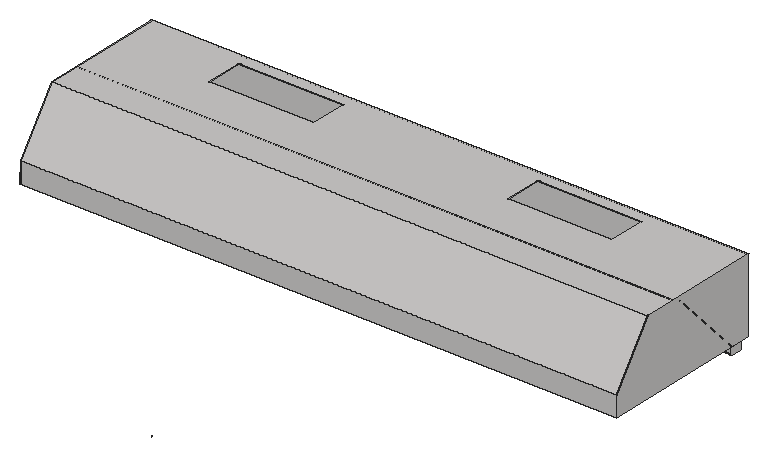
Revit family "QF_ELECTROLUXPROFESSIONAL_642337_BP1140DT", category Specialty Equipment, Revit 2014
Reference planes
  plane 1 "Center (Front/Back)": y = 0
  plane 2: z = 0
  plane 3 "Center (Left/Right)": x = 150
  plane 4 "LEFT": x = -1850
  plane 5 "RIGHT": x = 2150
  plane 6 "BACK": y = 550
  plane 7 "FRONT": y = -550
  plane 8 "TOP": z = 2500
  plane 9 "Base": z = 2000
  plane 10: z = 1926
  plane 11 "DrainY": y = 485
  plane 12: x = -1847
  plane 13: through (0, 414.509, 2000.8) normal (0, 0.7314, 0.682)
  plane 14: y = 470
  plane 15: y = 220
  plane 16 "DrainX": x = 2030
  plane 17: x = -500
  plane 18: x = 800
  plane 19: x = -1200
  plane 20: x = 1500
  plane 21: x = 2147
  plane 22: x = 1940
  plane 23: x = 2120
  plane 24: x = -1810
  plane 25: x = -1445
  plane 26: x = -1050
  plane 27: x = 2110
  plane 28: x = 1745
  plane 29: x = 1350
  plane 30: x = -47.5
  plane 31: x = 347.5
  plane 32: z = 2140
  plane 33: y = -289.2
Forms (mm)
  Extrusion 1, solid, material "QF_Finishes_Stainless Steel"
    sketch origin (-1850, 0, 360) x (0, 1, 0) y (0, 0, 1)
      loop
        line (550, 1640) -> (550, 2140) -> (-289.2, 2140) -> (-550, 1780) -> (-550, 1640) -> (550, 1640)
    from 0 to 3
  Extrusion 2, solid, material "QF_Finishes_Stainless Steel"
    sketch origin (150, 0, 360) x (0, 1, 0) y (0, 0, 1)
      loop
        line (415.255, 1640) -> (550, 1640) -> (550, 2139.19) -> (549.2, 2139.19) -> (549.2, 1640.8) -> (415.876, 1640.8) -> (339.347, 1722.867) -> (349.609, 1732.436) -> (348.927, 1733.167) -> (337.934, 1722.917) -> (415.255, 1640)
      loop
        line (-82.203, 2139.19) -> (-82.203, 2118.6) -> (-31.047, 2118.6) -> (34.354, 2048.466) -> (46.028, 2059.352) -> (45.346, 2060.083) -> (34.403, 2049.879) -> (-30.612, 2119.6) -> (-81.203, 2119.6) -> (-81.203, 2139.19) -> (-82.203, 2139.19)
    from -1997 to 1997
  Extrusion 3, solid, material "QF_Finishes_Stainless Steel"
    sketch origin (2150, 0, 360) x (0, 1, 0) y (0, 0, 1)
      loop
        line (550, 1640) -> (550, 2140) -> (-289.2, 2140) -> (-550, 1780) -> (-550, 1640) -> (550, 1640)
    from 0 to -3
  Extrusion 4, solid, material "QF_Finishes_Stainless Steel"
    sketch origin (150, 0, 360) x (0, 1, 0) y (0, 0, 1)
      loop
        line (550, 2139.19) -> (550, 2140) -> (-289.2, 2140) -> (-550, 1780) -> (-550, 1640) -> (-549.2, 1640) -> (-549.2, 1779.741) -> (-288.799, 2139.19) -> (550, 2139.19)
    from -2000 to 2000
  Extrusion 5, solid, material "QF_Finishes_Stainless Steel"
    sketch origin (150, 0, 360) x (0, 1, 0) y (0, 0, 1)
      loop
        line (534, 1640) -> (436, 1640) -> (436, 1627) -> (443.5, 1627) -> (443.5, 1576)
        arc (443.5, 1576) -> (446.429, 1568.929) -> (453.5, 1566) r 10
        line (453.5, 1566) -> (516.5, 1566)
        arc (516.5, 1566) -> (523.571, 1568.929) -> (526.5, 1576) r 10
        line (526.5, 1576) -> (526.5, 1627) -> (534, 1627) -> (534, 1640)
    from 1790 to 1970
  Extrusion 6, solid, material "QF_Finishes_Stainless Steel"
    sketch origin (0, 0, 2000) x (0, 1, 0) y (-1, 0, 0)
      loop
        circle (485, -2030) r 20
    from -76 to -74
  Extrusion 7, solid, material "QF_Finished_Chrome"
    sketch origin (150, 0, 360) x (0, 1, 0) y (0, 0, 1)
      loop
        line (337.934, 1722.917) -> (341.591, 1726.327) -> (38.011, 2051.876) -> (34.354, 2048.466) -> (337.934, 1722.917)
    from -1595 to -1960
  Extrusion 8, solid, material "QF_Finished_Chrome"
    sketch origin (150, 0, 360) x (0, 1, 0) y (0, 0, 1)
      loop
        line (337.934, 1722.917) -> (341.591, 1726.327) -> (38.011, 2051.876) -> (34.354, 2048.466) -> (337.934, 1722.917)
    from -197.5 to -1200
  Extrusion 9, solid, material "QF_Finishes_Stainless Steel"
    sketch origin (150, 0, 360) x (0, 1, 0) y (0, 0, 1)
      loop
        line (337.934, 1722.917) -> (341.591, 1726.327) -> (38.011, 2051.876) -> (34.354, 2048.466) -> (337.934, 1722.917)
    from 1997 to 1960
  Extrusion 10, solid, material "QF_Finishes_Stainless Steel"
    sketch origin (150, 0, 360) x (0, 1, 0) y (0, 0, 1)
      loop
        line (341.588, 1726.324) -> (38.009, 2051.874) -> (34.354, 2048.466) -> (337.934, 1722.917) -> (341.588, 1726.324)
    from -1595 to -1200
  Extrusion 11, solid, material "QF_Finished_Chrome"
    sketch origin (150, 0, 360) x (0, 1, 0) y (0, 0, 1)
      loop
        line (341.588, 1726.324) -> (38.009, 2051.874) -> (34.354, 2048.466) -> (337.934, 1722.917) -> (341.588, 1726.324)
    from 1595 to 1960
  Extrusion 12, void
    sketch origin (0, 0, 2500) x (0, 1, 0) y (-1, 0, 0)
      loop
        line (470, 1200) -> (220, 1200) -> (220, 500) -> (470, 500) -> (470, 1200)
    from 0 to -10
  Extrusion 13, void
    sketch origin (940, 0, 2500) x (0, 1, 0) y (-1, 0, 0)
      loop
        line (470, 140) -> (220, 140) -> (220, -560) -> (470, -560) -> (470, 140)
    from 0 to -10
  Extrusion 14, solid, material "QF_Finishes_Stainless Steel"
    sketch origin (0, 0, 0) x (1, 0, 0) y (0, 1, 0)
      loop
        line (-1850, 550) -> (-1850, 549) -> (-1849, 549) -> (-1849, 550) -> (-1850, 550)
    from 0 to 1
  Extrusion 15, solid, material "QF_Finishes_Stainless Steel"
    sketch origin (150, 0, 360) x (0, 1, 0) y (0, 0, 1)
      loop
        line (337.934, 1722.917) -> (341.591, 1726.327) -> (38.011, 2051.876) -> (34.354, 2048.466) -> (337.934, 1722.917)
    from -1960 to -1997
  Extrusion 16, solid, material "QF_Finishes_Stainless Steel"
    sketch origin (150, 0, 360) x (0, 1, 0) y (0, 0, -1)
      loop
        line (341.588, -1726.324) -> (337.934, -1722.917) -> (34.354, -2048.466) -> (38.009, -2051.874) -> (341.588, -1726.324)
    from -1595 to -1200
  Extrusion 17, solid, material "QF_Finished_Chrome"
    sketch origin (150, 0, 360) x (0, 1, 0) y (0, 0, 1)
      loop
        line (337.934, 1722.917) -> (341.591, 1726.327) -> (38.011, 2051.876) -> (34.354, 2048.466) -> (337.934, 1722.917)
    from 1200 to 197.5
  Extrusion 18, solid, material "QF_Finishes_Stainless Steel"
    sketch origin (150, 0, 360) x (0, 1, 0) y (0, 0, -1)
      loop
        line (341.588, -1726.324) -> (337.934, -1722.917) -> (34.354, -2048.466) -> (38.009, -2051.874) -> (341.588, -1726.324)
    from -197.5 to 197.5
Cuts and joins
  Extrusion 12, Extrusion 13 cuts Extrusion 4
  joined: Extrusion 2, Extrusion 4
Lines and regions (mm)
  reference lines
    curve 1: line (150, 34.354, 2408.466) -> (150, 34.354, 2248.466)
  symbolic lines, style "SpecialityEquipment", detail levels coarse
    curve 2: line (2150, 550, 2500) -> (-1850, 550, 2500)
    curve 3: line (-1850, 550, 2500) -> (-1850, -550, 2500)
    curve 4: line (2150, -550, 2500) -> (2150, 550, 2500)
    curve 5: line (-1850, -550, 2500) -> (2150, -550, 2500)
    curve 6: line (-1200, 220, 2500) -> (-500, 220, 2500)
    curve 7: line (-1200, 470, 2500) -> (-1200, 220, 2500)
    curve 8: line (-500, 470, 2500) -> (-1200, 470, 2500)
    curve 9: line (-500, 220, 2500) -> (-500, 470, 2500)
    curve 10: line (800, 470, 2500) -> (800, 220, 2500)
    curve 11: line (800, 220, 2500) -> (1500, 220, 2500)
    curve 12: line (1500, 470, 2500) -> (800, 470, 2500)
    curve 13: line (1500, 220, 2500) -> (1500, 470, 2500)
    curve 14: line (-1850, -289.2, 0) -> (2150, -289.2, 0)
    curve 15: line (-1850, 550, 0) -> (2150, -289.2, 0)
    curve 16: line (2150, 550, 0) -> (-1850, -289.2, 0)
Dimensions and locks
  plane 4 "LEFT" to plane 5 "RIGHT" = 4000 mm
  equal spacing: plane 4 "LEFT", plane 3 "Center (Left/Right)", plane 5 "RIGHT"
  locked: plane 8 "TOP" to plane 9 "Base" at 500
  plane 9 "Base" to plane 10 = 74 mm
  plane 6 "BACK" to plane 11 "DrainY" = 65 mm  (x2)
  plane 4 "LEFT" to plane 12 = 3 mm
  plane 6 "BACK" to plane 14 = 80 mm
  plane 14 to plane 15 = 250 mm  (x2)
  plane 16 "DrainX" to plane 5 "RIGHT" = 120 mm
  locked: plane 17 to plane 18 at 1300
  equal spacing: plane 17, plane 3 "Center (Left/Right)", plane 18
  plane 19 to plane 17 = 700 mm
  plane 18 to plane 20 = 700 mm
  plane 21 to plane 5 "RIGHT" = 3 mm
  locked: plane 22 to plane 16 "DrainX" at 90
  locked: plane 16 "DrainX" to plane 23 at 90
  plane 6 "BACK" to plane 7 "FRONT" = 1100 mm  (x2)
  equal spacing: plane 6 "BACK", plane 1 "Center (Front/Back)", plane 7 "FRONT"
  plane 15 to plane 7 "FRONT" = 770 mm
  plane 14 to plane 6 "BACK" = 80 mm
  locked: plane 4 "LEFT" to plane 24 at 40
  locked: plane 24 to plane 25 at 365
  locked: plane 25 to plane 26 at 395
  locked: plane 27 to plane 28 at 365
  locked: plane 28 to plane 29 at 395
  locked: plane 27 to plane 5 "RIGHT" at 40
  locked: plane 30 to plane 31 at 395
  equal spacing: plane 30, plane 3 "Center (Left/Right)", plane 31
  plane 26 to plane 30 = 1002.5 mm
  plane 31 to plane 29 = 1002.5 mm
  plane 33 to plane 7 "FRONT" = 260.8 mm
  plane 32 to plane 9 "Base" = 140 mm
  locked: plane 9 "Base" to level at 2000
  aligned and locked: level to plane 2
  aligned and locked: Extrusion 2 to Extrusion 1
  aligned and locked: Extrusion 2 to Extrusion 3
  aligned and locked: plane 5 "RIGHT" to Extrusion 4
  aligned and locked: Extrusion 4 to plane 4 "LEFT"
  aligned and locked: plane 21 to Extrusion 9
  aligned and locked: plane 19 to Extrusion 12
  aligned and locked: Extrusion 12 to plane 17
  aligned and locked: Extrusion 12 to plane 15
  aligned and locked: Extrusion 12 to plane 14
  aligned and locked: Extrusion 13 to plane 20
  aligned and locked: plane 18 to Extrusion 13
  aligned and locked: plane 23 to Extrusion 5
  aligned and locked: Extrusion 5 to plane 22
  aligned and locked: Extrusion 9 to plane 27
  aligned and locked: Extrusion 11 to plane 27
  aligned and locked: Extrusion 11 to plane 28
  aligned and locked: Extrusion 8 to plane 26
  aligned and locked: plane 26 to Extrusion 10
  aligned and locked: Extrusion 10 to plane 25
  aligned and locked: plane 25 to Extrusion 7
  aligned and locked: Extrusion 7 to plane 24
  aligned and locked: Extrusion 15 to plane 12
  aligned and locked: plane 24 to Extrusion 15
  aligned and locked: Extrusion 16 to plane 29
  aligned and locked: Extrusion 16 to plane 28
  aligned and locked: Extrusion 3 to plane 21
  aligned and locked: plane 30 to Extrusion 8
  aligned and locked: Extrusion 17 to plane 29
  aligned and locked: Extrusion 17 to plane 31
  aligned and locked: plane 31 to Extrusion 18
  aligned and locked: Extrusion 18 to plane 30
Automatic sketch dimensions
  curve 5 to plane 4 "LEFT" = 0 mm
  curve 5 to plane 7 "FRONT" = 0 mm
  curve 9 to plane 15 = 0 mm
  curve 10 to plane 15 = 0 mm
  plane 14 to curve 8 = 0 mm
  plane 14 to curve 12 = 0 mm
  curve 3 to plane 6 "BACK" = 0 mm
  curve 5 to plane 5 "RIGHT" = 0 mm
  curve 11 to plane 20 = 0 mm
  curve 10 to plane 18 = 0 mm
  curve 6 to plane 17 = 0 mm
  curve 6 to plane 19 = 0 mm
  Extrusion 2 sketch curve to plane 13 = 0 mm  (x3)
  Extrusion 2 sketch curve to plane 9 "Base" = 0 mm
  plane 13 to Extrusion 2 sketch curve = 0 mm
  Extrusion 2 sketch curve to plane 6 "BACK" = 0 mm
  Extrusion 2 sketch curve to Extrusion 2 sketch curve = 65.646 mm
  Extrusion 2 sketch curve to Extrusion 2 sketch curve = 0.682 mm  (x2)
  Extrusion 2 sketch curve to Extrusion 2 sketch curve = 10.261 mm
  plane 9 "Base" to Extrusion 2 sketch curve = 82.917 mm
  Extrusion 2 sketch curve to plane 1 "Center (Front/Back)" = 46.028 mm
  Extrusion 2 sketch curve to Extrusion 2 sketch curve = 10.942 mm
  Extrusion 2 sketch curve to Extrusion 2 sketch curve = 0.049 mm
  Extrusion 2 sketch curve to plane 8 "TOP" = 20.4 mm
  Extrusion 2 sketch curve to plane 8 "TOP" = 21.4 mm
  Extrusion 2 sketch curve to plane 8 "TOP" = 0.81 mm  (x2)
  Extrusion 2 sketch curve to Extrusion 2 sketch curve = 50.156 mm
  Extrusion 2 sketch curve to Extrusion 2 sketch curve = 1 mm
  plane 9 "Base" to Extrusion 2 sketch curve = 0.8 mm
  Extrusion 2 sketch curve to plane 6 "BACK" = 0.8 mm
  Extrusion 3 sketch curve to plane 6 "BACK" = 0 mm
  curve 1 to plane 13 = 0 mm
  curve 1 to plane 1 "Center (Front/Back)" = 34.354 mm
  Extrusion 5 sketch curve to plane 9 "Base" = 0 mm
  Extrusion 5 sketch curve to plane 10 = 0 mm
  Extrusion 5 sketch curve to plane 9 "Base" = 13 mm  (x2)
  plane 14 to Extrusion 5 sketch curve = 34 mm
  Extrusion 5 sketch curve to Extrusion 5 sketch curve = 7.5 mm  (x2)
  Extrusion 5 sketch curve to Extrusion 5 sketch curve = 10 mm
  plane 11 "DrainY" to Extrusion 5 sketch curve = 31.5 mm
  Extrusion 5 sketch curve to plane 6 "BACK" = 23.5 mm
  Extrusion 6 sketch curve to plane 11 "DrainY" = 0 mm
  Extrusion 6 sketch curve to plane 16 "DrainX" = 0 mm
  Extrusion 7 sketch curve to plane 13 = 0 mm  (x2)
  Extrusion 7 sketch curve to plane 1 "Center (Front/Back)" = 34.354 mm
  Extrusion 7 sketch curve to Extrusion 7 sketch curve = 3.657 mm
  plane 9 "Base" to Extrusion 7 sketch curve = 82.917 mm
  Extrusion 8 sketch curve to plane 13 = 0 mm  (x2)
  Extrusion 8 sketch curve to plane 1 "Center (Front/Back)" = 34.354 mm
  Extrusion 8 sketch curve to Extrusion 8 sketch curve = 3.657 mm
  plane 9 "Base" to Extrusion 8 sketch curve = 82.917 mm
  Extrusion 9 sketch curve to plane 13 = 0 mm  (x2)
  Extrusion 9 sketch curve to plane 1 "Center (Front/Back)" = 34.354 mm
  Extrusion 9 sketch curve to Extrusion 9 sketch curve = 3.657 mm
  plane 9 "Base" to Extrusion 9 sketch curve = 82.917 mm
  Extrusion 10 sketch curve to plane 13 = 0 mm  (x2)
  Extrusion 10 sketch curve to plane 1 "Center (Front/Back)" = 34.354 mm
  Extrusion 10 sketch curve to Extrusion 10 sketch curve = 3.655 mm
  plane 9 "Base" to Extrusion 10 sketch curve = 82.917 mm
  Extrusion 11 sketch curve to plane 13 = 0 mm  (x2)
  Extrusion 11 sketch curve to plane 1 "Center (Front/Back)" = 34.354 mm
  Extrusion 11 sketch curve to Extrusion 11 sketch curve = 3.655 mm
  plane 9 "Base" to Extrusion 11 sketch curve = 82.917 mm
  Extrusion 12 sketch curve to plane 15 = 0 mm
  plane 14 to Extrusion 12 sketch curve = 0 mm
  Extrusion 12 sketch curve to plane 17 = 0 mm
  Extrusion 12 sketch curve to plane 19 = 0 mm
  Extrusion 13 sketch curve to plane 15 = 0 mm
  plane 14 to Extrusion 13 sketch curve = 0 mm
  Extrusion 13 sketch curve to plane 20 = 0 mm
  Extrusion 13 sketch curve to plane 18 = 0 mm
  Extrusion 14 sketch curve to plane 4 "LEFT" = 0 mm
  Extrusion 14 sketch curve to plane 6 "BACK" = 0 mm
  plane 4 "LEFT" to Extrusion 14 sketch curve = 1 mm
  Extrusion 14 sketch curve to Extrusion 14 sketch curve = 1 mm
  Extrusion 15 sketch curve to plane 13 = 0 mm  (x2)
  Extrusion 15 sketch curve to plane 1 "Center (Front/Back)" = 34.354 mm
  Extrusion 15 sketch curve to Extrusion 15 sketch curve = 3.657 mm
  plane 9 "Base" to Extrusion 15 sketch curve = 82.917 mm
  Extrusion 16 sketch curve to plane 13 = 0 mm  (x2)
  Extrusion 16 sketch curve to plane 1 "Center (Front/Back)" = 34.354 mm
  Extrusion 16 sketch curve to Extrusion 16 sketch curve = 3.655 mm
  plane 9 "Base" to Extrusion 16 sketch curve = 82.917 mm
  Extrusion 17 sketch curve to plane 13 = 0 mm  (x2)
  Extrusion 17 sketch curve to plane 1 "Center (Front/Back)" = 34.354 mm
  Extrusion 17 sketch curve to Extrusion 17 sketch curve = 3.657 mm
  plane 9 "Base" to Extrusion 17 sketch curve = 82.917 mm
  Extrusion 18 sketch curve to plane 13 = 0 mm  (x2)
  Extrusion 18 sketch curve to plane 1 "Center (Front/Back)" = 34.354 mm
  Extrusion 18 sketch curve to Extrusion 18 sketch curve = 3.655 mm
  plane 9 "Base" to Extrusion 18 sketch curve = 82.917 mm
  curve 1 to curve 1 = 160 mm
  Extrusion 4 sketch curve to plane 7 "FRONT" = 0 mm
  Extrusion 4 sketch curve to plane 8 "TOP" = 0 mm
  Extrusion 4 sketch curve to plane 33 = 0 mm
  Extrusion 4 sketch curve to plane 6 "BACK" = 0 mm
  Extrusion 4 sketch curve to plane 9 "Base" = 0 mm
  Extrusion 4 sketch curve to plane 32 = 0 mm
  Extrusion 4 sketch curve to plane 32 = 0.259 mm
  plane 7 "FRONT" to Extrusion 4 sketch curve = 0.8 mm
  Extrusion 4 sketch curve to Extrusion 4 sketch curve = 0.81 mm
  Extrusion 4 sketch curve to plane 33 = 0.401 mm
  Extrusion 1 sketch curve to plane 7 "FRONT" = 0 mm
  Extrusion 1 sketch curve to plane 8 "TOP" = 0 mm
  Extrusion 1 sketch curve to plane 33 = 0 mm
  Extrusion 1 sketch curve to plane 6 "BACK" = 0 mm
  Extrusion 1 sketch curve to plane 9 "Base" = 0 mm
  Extrusion 1 sketch curve to plane 32 = 0 mm
  Extrusion 3 sketch curve to plane 7 "FRONT" = 0 mm
  Extrusion 3 sketch curve to plane 33 = 0 mm
  Extrusion 3 sketch curve to plane 32 = 0 mm
  Extrusion 3 sketch curve to plane 9 "Base" = 0 mm
  Extrusion 3 sketch curve to plane 8 "TOP" = 0 mm
  curve 15 to plane 4 "LEFT" = 0 mm
  curve 14 to plane 4 "LEFT" = 0 mm
  curve 16 to plane 5 "RIGHT" = 0 mm
  curve 15 to plane 5 "RIGHT" = 0 mm
  plane 33 to curve 14 = 0 mm
  curve 16 to plane 6 "BACK" = 0 mm
  curve 15 to plane 6 "BACK" = 0 mm
  radius of Extrusion 6 sketch curve = 20 mm
Connectors
  piping at (2030, 485, 1924), diameter 20
    settings: on Extrusion 6, index 1, connector inside diameter 609.6 mm, connector length 0 mm, flow factor 0, pipe flow 0.0 L/s, pressure drop 0.0 Pa, fitting loss kfactor 0, connector angle 0.00°, fixture units 0, engagement length 0 mm, angle of deflection 0.00°, flow configuration 1, flow direction 2, fitting loss method 0, system type 16, joint type 0, gender type 0, connector reference index -1, connector utility 0, adjustable connector no, is connector primary yes, connector description "Drain"
  hvac at (-850, 345, 2500)
    settings: on Extrusion 12, index 2, duct flow 0.0 L/s, flow factor 0, pres drop 0.0 Pa, loss coef 0, conn angle 0.00°, conn width 250 mm, conn height 700 mm, conn diameter 609.6 mm, duct sys type 3, conn prof type 1, flow config 1, flow direction 0, loss method 0, conn ref index -1, conn util no, is conn primary yes, conn desc "EXHAUST OUTLET"
  hvac at (1150, 345, 2500)
    settings: on Extrusion 13, index 3, duct flow 0.0 L/s, flow factor 0, pres drop 0.0 Pa, loss coef 0, conn angle 0.00°, conn width 250 mm, conn height 700 mm, conn diameter 609.6 mm, duct sys type 3, conn prof type 1, flow config 1, flow direction 0, loss method 0, conn ref index -1, conn util no, is conn primary no, conn desc "EXHAUST OUTLET"
